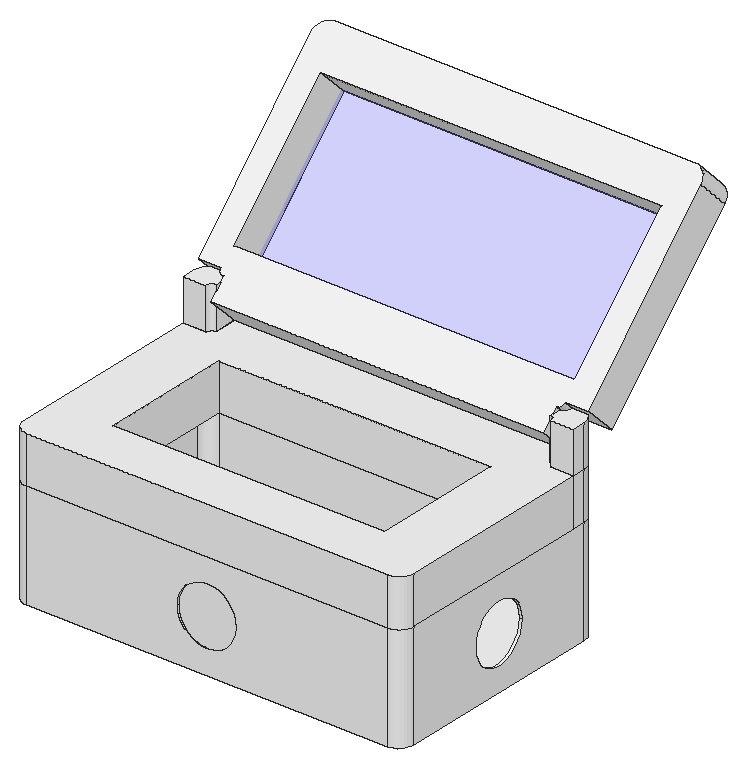
Revit family "Domotics-SerieCivili-GEWISS-27COMBI_SYSTEM-IP55_1P_2P_3P_4P", category Apparecchi elettrici, host Superficie, Revit 2016
Family settings
  Host = Superficie
  Mantenere orientamento annotazione = No
  Tipo di parte = Normale
  Quota connettore circolare = Usa diametro
  Numero OmniClass = 23.80.30.14.24
  Titolo OmniClass = Junction Boxes
  Taglio con vuoti quando caricato = Sì
  Condiviso = No
  Punto di calcolo locali = No
Parameters (values of type "GW27044 - 4 posti")
  Viti coperchio = "Acciaio inox"
  Versione file RFA = "19.4"
  URL = "https://www.gewiss.com/it/it"
  Tipo sfondabili = "Asportabili con utensile"
  Tipo portella = "Con membrana"
  Tipo = SYSTEM COMBI CONTENITORI IP55_BASE : GW27044 - 4 POSTO
  Termopressione con biglia = "70 °C"
  Temperatura di installazione = "-25 +60 °C"
  Scheda Tecnica = "https://www.gewiss.com/it/it/search?q=GW27044"
  SPORTELLO APERTO [instance] = yes
  SEO = "Contenitore"
  Resistenza agli urti = "IK07"
  Produttore = "GEWISS S.p.A."
  Norma di riferimento: = "EN 60670-1"
  N. moduli SYSTEM = "4 posti"
  N. fori Ã˜ 23 sfondabili: = "Laterali 8 / Sul fondo 1"
  N. fori Ã˜ 23 con passacavo = ""
  Modello = "GW27044"
  Larghezza = 132 mm
  IFC.TypeObject = ""
  IFC.ExportType = ""
  IFC.ExportAs = ""
  Default Elevation = 1219.2 mm
  Immagine tipo = GW27044.jpg
  IDT = "3807d107-ecc7-4bef-bd8b-fcc875e0ad94"
  IDF = "854fae89-6ea1-4656-98b3-f21c75aadc2b"
  Grado di protezione = "IP55"
  Glow Wire Test = "650°C"
  Dim. esterne BxHxP (mm) = "132x82x65"
  Descrizione: = "4 posti"
  Descrizione = "CONTENITORE 4(4X1) POSTI ORIZZ.STAGNO"
  Creato da GEWISS S.p.A. = ""
  Coppia serraggio viti = "0,8NM"
  Colore portella = "Trasparente"
  Colore = "Grigio RAL 7035"
  Codice Electrocod = "0212"
  Codice EAN = "8011564055391"
  Classe isolamento = "II"
  Catalogo Serie = "27COMBI"
  Catalogo = "DOMOTICS"
  COBie.Tagnumber = ""
  COBie.CreatedOn = ""
  COBie.CreatebBy = ""
  COBie.ComponentRegisterItemID = ""
  COBie.Component.TagNumber = ""
  COBie.Component.Space = ""
  COBie.Component.SerialNumber = ""
  COBie.Component.InstallationDate = ""
  COBie.Component.Description = ""
  COBie.Component.BarCode = ""
Types (4, lengths in mm): name | Tipo | Scheda Tecnica | N. moduli SYSTEM | N. fori Ã˜ 23 sfondabili: | N. fori Ã˜ 23 con passacavo | Modello | Larghezza | Immagine tipo | IDT | Dim. esterne BxHxP (mm) | Descrizione: | Descrizione | Codice EAN
  GW27041 - 1 posto | SYSTEM COMBI CONTENITORI IP55_BASE : GW27041 - 1 POSTO | "https://www.gewiss.com/it/it/search?q=GW27041" | "1 posto" | "Laterali 3 / Sul fondo 1" | "1" | "GW27041" | 66 | GW27041.jpg | "8f18aae1-c1c6-496f-8bd1-f9b18db38e98" | "66x82x65" | "1 posto" | "CONTENITORE 1 POSTO ORIZZ.STAGNO" | "8011564055360"
  GW27042 - 2 posti | SYSTEM COMBI CONTENITORI IP55_BASE : GW27042 - 2 POSTO | "https://www.gewiss.com/it/it/search?q=GW27042" | "2 posti" | "Laterali 3 / Sul fondo 1" | "1" | "GW27042" | 66 | GW27042.jpg | "f7184be8-eaa5-4369-bd14-6d072688526a" | "66x82x65" | "2 posti" | "CONTENITORE 2 POSTI ORIZZ.STAGNO" | "8011564055377"
  GW27043 - 3 posti | SYSTEM COMBI CONTENITORI IP55_BASE : GW27043 - 3 POSTO | "https://www.gewiss.com/it/it/search?q=GW27043" | "3 posti" | "Laterali 3 / Sul fondo 1" | "1" | "GW27043" | 99 | GW27043.jpg | "1fe81450-284b-45f8-b475-0bfe40f20753" | "99x82x65" | "3 posti" | "CONTENITORE 3 POSTI ORIZZ.STAGNO" | "8011564055384"
  GW27044 - 4 posti | SYSTEM COMBI CONTENITORI IP55_BASE : GW27044 - 4 POSTO | "https://www.gewiss.com/it/it/search?q=GW27044" | "4 posti" | "Laterali 8 / Sul fondo 1" | "" | "GW27044" | 132 | GW27044.jpg | "3807d107-ecc7-4bef-bd8b-fcc875e0ad94" | "132x82x65" | "4 posti" | "CONTENITORE 4(4X1) POSTI ORIZZ.STAGNO" | "8011564055391"
Reference planes
  plane 1 "Centro (Fronte/Retro)": y = 0
  plane 2: z = 0
  plane 3 "Centro (Sinistra/Destra)": x = 0
  plane 4: x = -66
  plane 5: x = 66
  plane 6: y = 41
  plane 7: y = -41
  plane 8: z = 66
Lines and regions (mm)
  Masking region 1
    outline origin (0, 0, 0) x (1, 0, 0) y (0, 0, 1)
      loop
        line (-66, 0) -> (66, 0) -> (66, 66) -> (-66, 66) -> (-66, 0)
  Masking region 2
    outline origin (0, 0, 0) x (0, 1, 0) y (0, 0, 1)
      loop
        line (-41, 0) -> (41, 0) -> (41, 66) -> (-41, 66) -> (-41, 0)
  Masking region 3, detail levels medium+fine
    outline origin (0, 0, 0) x (1, 0, 0) y (0, 0, 1)
      loop
        circle (0, 18) r 10
  Masking region 4, detail levels medium+fine
    outline origin (0, 0, 3.713) x (0, 1, 0) y (0, 0, 1)
      loop
        circle (0, 13.287) r 10
Dimensions and locks
  equal spacing: plane 4, plane 3 "Centro (Sinistra/Destra)", plane 5
  "Larghezza": plane 4 to plane 5
  locked: plane 6 to plane 7 at 82
  locked: plane 8 to host face at 66
  aligned and locked: plane 2 to host face
  aligned and locked: level to host face
  aligned and locked: plane 1 "Centro (Fronte/Retro)" to nested 1
  aligned and locked: plane 3 "Centro (Sinistra/Destra)" to nested 1
  aligned and locked: Masking region 1 sketch curve to level
  aligned and locked: plane 5 to Masking region 1 sketch curve
  aligned and locked: plane 8 to Masking region 1
  aligned and locked: Masking region 1 to plane 4
  aligned and locked: Masking region 2 sketch curve to level
  aligned and locked: plane 8 to Masking region 2 sketch curve
  aligned and locked: plane 6 to Masking region 2 sketch curve
Automatic sketch dimensions
  host sketch curve to host sketch curve = 2438.4 mm  (x2)
  Masking region 1 sketch curve to plane 3 "Centro (Sinistra/Destra)" = 66 mm
  level to Masking region 1 sketch curve = 66 mm
  Masking region 2 sketch curve to plane 7 = 0 mm
  Masking region 3 sketch curve to plane 3 "Centro (Sinistra/Destra)" = 0 mm
  level to Masking region 3 sketch curve = 18 mm
  Masking region 4 sketch curve to plane 1 "Centro (Fronte/Retro)" = 0 mm
  level to Masking region 4 sketch curve = 17 mm
  radius of Masking region 3 sketch curve = 10 mm
  radius of Masking region 4 sketch curve = 10 mm
Nested families
  nested 1: "SYSTEM COMBI CONTENITORI IP55_BASE" at (0, 0, 0), type <- "Tipo", Sportello aperto <- "SPORTELLO APERTO", type "GW27044 - 4 POSTO"
    with Sportello chiuso no, Sportello aperto yes
Definition of nested family "SYSTEM COMBI CONTENITORI IP55_BASE"
  Parameters (values of type "GW27041 - 1 POSTO")
    VETRO = none
    Sportello chiuso [instance] = not(Sportello aperto)  # no
    Sportello aperto [instance] = yes
    Profondità scatola = 36 mm
    Offset bidimensionale = 60 mm
    Larghezza scatola = 66 mm
    SCATOLA = none
    Larghezza foro = 23 mm
    Dettaglio 4P = no
    Dettaglio 3-2-1P = yes
    Default Elevation = 1219.2 mm
    Altezza scatola = 82 mm
    Altezza foro = 45 mm
  Types (4, lengths in mm): name | Larghezza scatola | Larghezza foro | Dettaglio 4P | Dettaglio 3-2-1P
    GW27041 - 1 POSTO | 66 | 23 | no | yes
    GW27042 - 2 POSTO | 66 | 46 | no | yes
    GW27043 - 3 POSTO | 99 | 69 | no | yes
    GW27044 - 4 POSTO | 132 | 92 | yes | no
  Reference planes
    plane 1 "Centro (Fronte/Retro)": y = 0
    plane 2: z = 0
    plane 3 "Centro (Sinistra/Destra)": x = 0
    plane 4: x = -33
    plane 5: x = 33
    plane 6 "1": y = 41
    plane 7: y = -41
    plane 8 "PIANO 1": z = 66
    plane 9: z = 36
    plane 10 "2": z = 2
    plane 11: z = 52
    plane 12: x = -11.5
    plane 13: x = 11.5
    plane 14: y = 21.5
    plane 15: y = -23.5
    plane 16: z = 18
    plane 17 "PIANO BIDIMENSIONALE": z = 60
  Forms (mm)
    Extrusion 1, solid, material <- "SCATOLA", detail levels medium+fine
      sketch origin (0, 0, 66) x (0, -1, 0) y (1, 0, 0)
        loop
          arc (-41, -28) -> (-39.536, -31.536) -> (-36, -33) r 5
          line (-36, -33) -> (36, -33)
          arc (36, -33) -> (39.536, -31.536) -> (41, -28) r 5
          line (41, -28) -> (41, 28)
          arc (41, 28) -> (39.536, 31.536) -> (36, 33) r 5
          line (36, 33) -> (-36, 33)
          arc (-36, 33) -> (-39.536, 31.536) -> (-41, 28) r 5
          line (-41, 28) -> (-41, -28)
      from -66 to -30
    Extrusion 2, void, detail levels medium+fine
      sketch origin (0, 0, 66) x (0, -1, 0) y (1, 0, 0)
        loop
          line (-40, 28) -> (-40, -28)
          arc (-40, -28) -> (-38.828, -30.828) -> (-36, -32) r 4
          line (-36, -32) -> (36, -32)
          arc (36, -32) -> (38.828, -30.828) -> (40, -28) r 4
          line (40, -28) -> (40, 28)
          arc (40, 28) -> (38.828, 30.828) -> (36, 32) r 4
          line (36, 32) -> (-36, 32)
          arc (-36, 32) -> (-38.828, 30.828) -> (-40, 28) r 4
      from -64 to -30
    Extrusion 3, solid, material <- "SCATOLA", visible <- "Sportello chiuso", detail levels medium+fine
      sketch origin (0, 0, 66) x (0, -1, 0) y (1, 0, 0)
        loop
          line (-41, -23.414) -> (-33.415, -23.414)
          arc (-33.415, -23.414) -> (-32.861, -24.751) -> (-31.525, -25.304) r 1.89
          line (-31.525, -25.304) -> (-31.525, -33) -> (36, -33)
          arc (36, -33) -> (39.536, -31.536) -> (41, -28) r 5
          line (41, -28) -> (41, 28)
          arc (41, 28) -> (39.536, 31.536) -> (36, 33) r 5
          line (36, 33) -> (-31.525, 33) -> (-31.525, 25.304)
          arc (-31.525, 25.304) -> (-32.861, 24.751) -> (-33.415, 23.414) r 1.89
          line (-33.415, 23.414) -> (-41, 23.414) -> (-41, -23.414)
        loop
          line (26.857, 24.717) -> (-24.857, 24.717) -> (-24.857, -24.717) -> (26.857, -24.717) -> (26.857, 24.717)
      from -14 to 0
    Extrusion 4, solid, material <- "SCATOLA", detail levels medium+fine
      sketch origin (0, 0, 66) x (0, -1, 0) y (1, 0, 0)
        loop
          line (-41, -23.414) -> (-33.415, -23.414)
          arc (-33.415, -23.414) -> (-32.861, -24.751) -> (-31.525, -25.304) r 1.89
          line (-31.525, -25.304) -> (-31.525, -33) -> (36, -33)
          arc (36, -33) -> (39.536, -31.536) -> (41, -28) r 5
          line (41, -28) -> (41, 28)
          arc (41, 28) -> (39.536, 31.536) -> (36, 33) r 5
          line (36, 33) -> (-31.525, 33) -> (-31.525, 25.304)
          arc (-31.525, 25.304) -> (-32.861, 24.751) -> (-33.415, 23.414) r 1.89
          line (-33.415, 23.414) -> (-41, 23.414) -> (-41, -23.414)
        loop
          line (23.5, 11.5) -> (-21.5, 11.5) -> (-21.5, -11.5) -> (23.5, -11.5) -> (23.5, 11.5)
      from -30 to -14
    Extrusion 5, solid, material <- "SCATOLA", detail levels medium+fine
      sketch origin (0, 0, 66) x (0, -1, 0) y (1, 0, 0)
        loop
          arc (-41, -28) -> (-39.536, -31.536) -> (-36, -33) r 5
          line (-36, -33) -> (-31.525, -33) -> (-31.525, -25.304)
          arc (-31.525, -25.304) -> (-32.861, -24.751) -> (-33.415, -23.414) r 1.89
          line (-33.415, -23.414) -> (-41, -23.414) -> (-41, -28)
      from -14 to 0
    Extrusion 6, solid, material <- "SCATOLA", detail levels medium+fine
      sketch origin (0, 0, 66) x (0, -1, 0) y (1, 0, 0)
        loop
          line (-41, 28) -> (-41, 23.414) -> (-33.415, 23.414)
          arc (-33.415, 23.414) -> (-32.861, 24.751) -> (-31.525, 25.304) r 1.89
          line (-31.525, 25.304) -> (-31.525, 33) -> (-36, 33)
          arc (-36, 33) -> (-39.536, 31.536) -> (-41, 28) r 5
      from -14 to 0
    Extrusion 7, solid, material <- "VETRO", visible <- "Sportello chiuso", detail levels medium+fine
      sketch origin (0, 0, 66) x (0, -1, 0) y (1, 0, 0)
        loop
          line (-24.857, -24.717) -> (26.857, -24.717) -> (26.857, 24.717) -> (-24.857, 24.717) -> (-24.857, -24.717)
      from -6 to 0
    Extrusion 8, solid, material <- "SCATOLA", visible <- "Sportello aperto", detail levels medium+fine
      sketch origin (0, 69.991, 80.991) x (0, 0.707107, 0.707107) y (1, 0, 0)
        loop
          line (-41, -23.414) -> (-33.415, -23.414)
          arc (-33.415, -23.414) -> (-32.861, -24.751) -> (-31.525, -25.304) r 1.89
          line (-31.525, -25.304) -> (-31.525, -33) -> (36, -33)
          arc (36, -33) -> (39.536, -31.536) -> (41, -28) r 5
          line (41, -28) -> (41, 28)
          arc (41, 28) -> (39.536, 31.536) -> (36, 33) r 5
          line (36, 33) -> (-31.525, 33) -> (-31.525, 25.304)
          arc (-31.525, 25.304) -> (-32.861, 24.751) -> (-33.415, 23.414) r 1.89
          line (-33.415, 23.414) -> (-41, 23.414) -> (-41, -23.414)
        loop
          line (26.857, 24.717) -> (-24.857, 24.717) -> (-24.857, -24.717) -> (26.857, -24.717) -> (26.857, 24.717)
      from -14 to 0
    Extrusion 9, solid, material <- "VETRO", visible <- "Sportello aperto", detail levels medium+fine
      sketch origin (0, 69.991, 80.991) x (0, 0.707107, 0.707107) y (1, 0, 0)
        loop
          line (-24.857, -24.717) -> (26.857, -24.717) -> (26.857, 24.717) -> (-24.857, 24.717) -> (-24.857, -24.717)
      from -1.5 to 0
    Extrusion 10, solid, material <- "SCATOLA", visible <- "Sportello aperto", not visible
      sketch origin (210, 0, -63.711) x (0, -1, 0) y (1, 0, 0)
        loop
          line (-41, -56.414) -> (-33.415, -56.414)
          arc (-33.415, -56.414) -> (-32.861, -57.751) -> (-31.525, -58.304) r 1.89
          line (-31.525, -58.304) -> (-31.525, -66) -> (36, -66)
          arc (36, -66) -> (39.536, -64.536) -> (41, -61) r 5
          line (41, -61) -> (41, 61)
          arc (41, 61) -> (39.536, 64.536) -> (36, 66) r 5
          line (36, 66) -> (-31.525, 66) -> (-31.525, 58.304)
          arc (-31.525, 58.304) -> (-32.861, 57.751) -> (-33.415, 56.414) r 1.89
          line (-33.415, 56.414) -> (-41, 56.414) -> (-41, -56.414)
        loop
          line (26.857, 57.717) -> (-24.857, 57.717) -> (-24.857, -57.717) -> (26.857, -57.717) -> (26.857, 57.717)
      from -14 to 0
    Extrusion 11, solid, material <- "VETRO", visible <- "Sportello aperto", not visible
      sketch origin (210, 0, -63.711) x (0, -1, 0) y (1, 0, 0)
        loop
          line (-24.857, -57.717) -> (26.857, -57.717) -> (26.857, 57.717) -> (-24.857, 57.717) -> (-24.857, -57.717)
      from -1.5 to 0
    Extrusion 12, solid, material <- "SCATOLA", detail levels fine
      sketch origin (0, 0, 0) x (1, 0, 0) y (0, 0, 1)
        loop
          circle (0, 18) r 16
      from -43 to -41
    Extrusion 13, solid, material <- "SCATOLA", detail levels fine
      sketch origin (0, 41, 0) x (-1, 0, 0) y (0, 0, 1)
        loop
          circle (0, 18) r 13
      from 5 to 3
    Extrusion 14, solid, material <- "SCATOLA", detail levels fine
      sketch origin (0, 41, 0) x (-1, 0, 0) y (0, 0, 1)
        loop
          circle (0, 18) r 10
      from 8 to 6
    Extrusion 15, solid, material <- "SCATOLA", detail levels fine
      sketch origin (0, 41, 0) x (-1, 0, 0) y (0, 0, 1)
        loop
          circle (0, 18) r 3
      from 2 to 6
    Extrusion 16, solid, material <- "SCATOLA", detail levels medium+fine
      sketch origin (0, 0, 0) x (1, 0, 0) y (0, 1, 0)
        loop
          line (-23.414, 33.415) -> (-23.414, 41) -> (-28, 41)
          arc (-28, 41) -> (-31.536, 39.536) -> (-33, 36) r 5
          line (-33, 36) -> (-33, 31.525) -> (-25.304, 31.525)
          arc (-25.304, 31.525) -> (-24.751, 32.861) -> (-23.414, 33.415) r 1.89
        loop
          arc (23.414, 33.415) -> (24.751, 32.861) -> (25.304, 31.525) r 1.89
          line (25.304, 31.525) -> (33, 31.525) -> (33, 36)
          arc (33, 36) -> (31.536, 39.536) -> (28, 41) r 5
          line (28, 41) -> (23.414, 41) -> (23.414, 33.415)
      from 36 to 52
    Extrusion 17, void, detail levels medium+fine
      sketch origin (0, 0, 0) x (0, 1, 0) y (0, 0, 1)
        loop
          circle (0, 18) r 10
      from 32.526 to 33
    Extrusion 18, void, detail levels medium+fine
      sketch origin (0, 0, 0) x (1, 0, 0) y (0, 0, 1)
        loop
          circle (0, 18) r 10
      from 40.592 to 41
    Extrusion 19, void, detail levels medium+fine
      sketch origin (0, 0, 0) x (0, 1, 0) y (0, 0, -1)
        loop
          circle (0, -18) r 11.5
      from 32.526 to 33
    Extrusion 20, void, detail levels medium+fine
      sketch origin (0, 0, 0) x (1, 0, 0) y (0, 0, -1)
        loop
          circle (0, -18) r 10
      from 40.592 to 41
    Extrusion 21, solid, material <- "SCATOLA", detail levels coarse
      sketch origin (0, 0, 66) x (0, -1, 0) y (1, 0, 0)
        loop
          line (-41, 28) -> (-41, -28)
          arc (-41, -28) -> (-39.536, -31.536) -> (-36, -33) r 5
          line (-36, -33) -> (36, -33)
          arc (36, -33) -> (39.536, -31.536) -> (41, -28) r 5
          line (41, -28) -> (41, 28)
          arc (41, 28) -> (39.536, 31.536) -> (36, 33) r 5
          line (36, 33) -> (-36, 33)
          arc (-36, 33) -> (-39.536, 31.536) -> (-41, 28) r 5
      from -66 to -6
  Cuts and joins
    Extrusion 2, Extrusion 17, Extrusion 18, Extrusion 19, Extrusion 20 cuts Extrusion 1
  Lines and regions (mm)
    Masking region 1
      outline origin (0, 0, 2) x (0, -1, 0) y (1, 0, 0)
        loop
          line (36, 33) -> (-36, 33)
          arc (-36, 33) -> (-39.536, 31.536) -> (-41, 28) r 5
          line (-41, 28) -> (-41, -28)
          arc (-41, -28) -> (-39.536, -31.536) -> (-36, -33) r 5
          line (-36, -33) -> (36, -33)
          arc (36, -33) -> (39.536, -31.536) -> (41, -28) r 5
          line (41, -28) -> (41, 28)
          arc (41, 28) -> (39.536, 31.536) -> (36, 33) r 5
        loop
          line (23.5, 11.5) -> (-21.5, 11.5) -> (-21.5, -11.5) -> (23.5, -11.5) -> (23.5, 11.5)
    Masking region 2
      outline origin (0, 0, 2) x (0, -1, 0) y (1, 0, 0)
        loop
          line (-21.5, -11.5) -> (23.5, -11.5) -> (23.5, 11.5) -> (-21.5, 11.5) -> (-21.5, -11.5)
    Masking region 3
      outline origin (0, 0, 0) x (1, 0, 0) y (0, 1, 0)
        loop
          line (-33, 31.525) -> (-25.304, 31.525)
          arc (-25.304, 31.525) -> (-24.751, 32.861) -> (-23.414, 33.415) r 1.89
          line (-23.414, 33.415) -> (-23.414, 41) -> (-28, 41)
          arc (-28, 41) -> (-31.536, 39.536) -> (-33, 36) r 5
          line (-33, 36) -> (-33, 31.525)
        loop
          line (25.304, 31.525) -> (33, 31.525) -> (33, 36)
          arc (33, 36) -> (31.536, 39.536) -> (28, 41) r 5
          line (28, 41) -> (23.414, 41) -> (23.414, 33.415)
          arc (23.414, 33.415) -> (24.751, 32.861) -> (25.304, 31.525) r 1.89
        loop
          circle (-28, 36) r 2
        loop
          circle (28, 36) r 2
        loop
          line (-13.5, -41) -> (-11.5, -41) -> (-11.5, -38.247)
          arc (-11.5, -38.247) -> (-10.914, -36.833) -> (-9.5, -36.247) r 2
          line (-9.5, -36.247) -> (9.496, -36.247)
          arc (9.496, -36.247) -> (10.91, -36.833) -> (11.496, -38.247) r 2
          line (11.496, -38.247) -> (11.496, -41) -> (13.496, -41) -> (13.496, -36.247)
          arc (13.496, -36.247) -> (12.91, -34.833) -> (11.496, -34.247) r 2
          line (11.496, -34.247) -> (-11.5, -34.247)
          arc (-11.5, -34.247) -> (-12.914, -34.833) -> (-13.5, -36.247) r 2
          line (-13.5, -36.247) -> (-13.5, -41)
    Masking region 4
      outline origin (0, 0, 0) x (1, 0, 0) y (0, 1, 0)
        loop
          line (-24.717, -26.857) -> (24.717, -26.857) -> (24.717, 31.525)
          arc (24.717, 31.525) -> (24.336, 32.446) -> (23.414, 32.828) r 1.303
          line (23.414, 32.828) -> (-23.414, 32.828)
          arc (-23.414, 32.828) -> (-24.336, 32.446) -> (-24.717, 31.525) r 1.303
          line (-24.717, 31.525) -> (-24.717, -26.857)
        loop
          line (-11.5, 21.5) -> (-11.5, -23.5) -> (11.5, -23.5) -> (11.5, 21.5) -> (-11.5, 21.5)
    model lines, detail levels coarse
      curve 1: arc (33, -36, 60) -> (31.536, -39.536, 60) -> (28, -41, 60) r 5
      curve 2: line (33, 36, 60) -> (33, -36, 60)
      curve 3: arc (28, 41, 60) -> (31.536, 39.536, 60) -> (33, 36, 60) r 5
      curve 4: line (-28, 41, 60) -> (28, 41, 60)
      curve 5: arc (-28, 41, 60) -> (-31.536, 39.536, 60) -> (-33, 36, 60) r 5
      curve 6: line (-33, -36, 60) -> (-33, 36, 60)
      curve 7: arc (-28, -41, 60) -> (-31.536, -39.536, 60) -> (-33, -36, 60) r 5
      curve 8: line (28, -41, 60) -> (-28, -41, 60)
      curve 29: line (24.717, -26.857, 60) -> (-24.717, -26.857, 60)
      curve 30: line (24.717, 31.525, 60) -> (24.717, -26.857, 60)
      curve 31: line (-24.717, -26.857, 60) -> (-24.717, 31.525, 60)
      curve 32: line (-24.717, 24.857, 60) -> (24.717, 24.857, 60)
      curve 33: arc (-23.414, 32.828, 60) -> (-24.336, 32.446, 60) -> (-24.717, 31.525, 60) r 1.303
      curve 34: line (-23.414, 32.828, 60) -> (23.414, 32.828, 60)
      curve 35: arc (23.414, 32.828, 60) -> (24.336, 32.446, 60) -> (24.717, 31.525, 60) r 1.303
      curve 36: line (33, 31.525, 60) -> (25.304, 31.525, 60)
      curve 37: arc (23.414, 33.415, 60) -> (24.751, 32.861, 60) -> (25.304, 31.525, 60) r 1.89
      curve 38: line (23.414, 41, 60) -> (23.414, 33.415, 60)
      curve 39: line (-23.414, 33.415, 60) -> (23.414, 33.415, 60)
      curve 40: line (-33, 31.525, 60) -> (-25.304, 31.525, 60)
      curve 41: arc (-23.414, 33.415, 60) -> (-24.751, 32.861, 60) -> (-25.304, 31.525, 60) r 1.89
      curve 42: line (-23.414, 41, 60) -> (-23.414, 33.415, 60)
      curve 43: circle (-28, 36, 60) r 2 normal (0, 0, 1)
      curve 44: line (-26.172, 36.81, 60) -> (-29.472, 34.646, 60)
      curve 45: line (-29.912, 35.413, 60) -> (-26.7, 37.52, 60)
      curve 46: line (29.912, 35.413, 60) -> (26.7, 37.52, 60)
      curve 47: line (26.108, 36.647, 60) -> (29.348, 34.523, 60)
      curve 48: circle (28, 36, 60) r 2 normal (0, 0, -1)
      curve 49: line (-11.5, 21.5, 60) -> (11.5, 21.5, 60)
      curve 50: line (-11.5, -23.5, 60) -> (-11.5, 21.5, 60)
      curve 51: line (11.5, -23.5, 60) -> (-11.5, -23.5, 60)
      curve 52: line (11.5, 21.5, 60) -> (11.5, -23.5, 60)
    model lines, visible <- "Dettaglio 4P", detail levels coarse
      curve 9: line (-25, -41, 60) -> (-25, -36.247, 60)
      curve 10: line (-23, -41, 60) -> (-23, -38.247, 60)
      curve 11: arc (-21, -36.247, 60) -> (-22.414, -36.833, 60) -> (-23, -38.247, 60) r 2
      curve 12: arc (-23, -34.247, 60) -> (-24.414, -34.833, 60) -> (-25, -36.247, 60) r 2
      curve 13: line (-23, -34.247, 60) -> (-8.093, -34.247, 60)
      curve 14: line (-21, -36.247, 60) -> (-10.093, -36.247, 60)
      curve 15: arc (-6.093, -36.247, 60) -> (-6.679, -34.833, 60) -> (-8.093, -34.247, 60) r 2
      curve 16: arc (-8.093, -38.247, 60) -> (-8.679, -36.833, 60) -> (-10.093, -36.247, 60) r 2
      curve 17: line (-8.093, -41, 60) -> (-8.093, -38.247, 60)
      curve 18: line (-6.093, -41, 60) -> (-6.093, -36.247, 60)
      curve 19: line (6.093, -41, 60) -> (6.093, -36.247, 60)
      curve 20: line (8.093, -41, 60) -> (8.093, -38.247, 60)
      curve 21: arc (8.093, -38.247, 60) -> (8.679, -36.833, 60) -> (10.093, -36.247, 60) r 2
      curve 22: arc (6.093, -36.247, 60) -> (6.679, -34.833, 60) -> (8.093, -34.247, 60) r 2
      curve 23: line (23, -34.247, 60) -> (8.093, -34.247, 60)
      curve 24: line (21, -36.247, 60) -> (10.093, -36.247, 60)
      curve 25: arc (21, -36.247, 60) -> (22.414, -36.833, 60) -> (23, -38.247, 60) r 2
      curve 26: arc (23, -34.247, 60) -> (24.414, -34.833, 60) -> (25, -36.247, 60) r 2
      curve 27: line (23, -41, 60) -> (23, -38.247, 60)
      curve 28: line (25, -41, 60) -> (25, -36.247, 60)
    model lines, visible <- "Dettaglio 3-2-1P", detail levels coarse
      curve 53: line (-25, -41, 60) -> (-25, -36.247, 60)
      curve 54: line (-23, -41, 60) -> (-23, -38.247, 60)
      curve 55: arc (-23, -34.247, 60) -> (-24.414, -34.833, 60) -> (-25, -36.247, 60) r 2
      curve 56: arc (-21, -36.247, 60) -> (-22.414, -36.833, 60) -> (-23, -38.247, 60) r 2
      curve 57: line (-21, -36.247, 60) -> (21, -36.247, 60)
      curve 58: line (-23, -34.247, 60) -> (23, -34.247, 60)
      curve 59: arc (22.996, -38.247, 60) -> (22.41, -36.833, 60) -> (20.996, -36.247, 60) r 2
      curve 60: arc (24.996, -36.247, 60) -> (24.41, -34.833, 60) -> (22.996, -34.247, 60) r 2
      curve 61: line (24.996, -41, 60) -> (24.996, -36.247, 60)
      curve 62: line (22.996, -41, 60) -> (22.996, -38.247, 60)
  Dimensions and locks
    equal spacing: plane 4, plane 3 "Centro (Sinistra/Destra)", plane 5
    equal spacing: plane 6 "1", plane 1 "Centro (Fronte/Retro)", plane 7
    "Altezza scatola": plane 6 "1" to plane 7
    "Larghezza scatola": plane 4 to plane 5
    "Profondità scatola": plane 9 to level
    plane 8 "PIANO 1" to plane 11 = 14 mm
    "Altezza foro": plane 15 to plane 14
    "Larghezza foro": plane 12 to plane 13
    equal spacing: plane 12, plane 3 "Centro (Sinistra/Destra)", plane 13
    equal spacing: level, plane 16, plane 9
    "Offset bidimensionale": plane 17 "PIANO BIDIMENSIONALE" to plane 2
    aligned and locked: level to plane 2
    aligned and locked: Extrusion 1 sketch curve to plane 6 "1"
    aligned and locked: plane 4 to Extrusion 1 sketch curve
    aligned and locked: Extrusion 1 sketch curve to plane 5
    aligned and locked: plane 7 to Extrusion 1 sketch curve
    aligned and locked: Extrusion 1 to level
    aligned and locked: Extrusion 2 to plane 10 "2"
    aligned and locked: plane 9 to Extrusion 2
    aligned and locked: plane 9 to Extrusion 1
    aligned and locked: Extrusion 3 sketch curve to plane 4
    aligned and locked: plane 6 "1" to Extrusion 3 sketch curve
    aligned and locked: plane 5 to Extrusion 3 sketch curve
    aligned and locked: Extrusion 3 sketch curve to plane 7
    aligned and locked: plane 8 "PIANO 1" to Extrusion 3
    aligned and locked: Extrusion 3 to plane 11
    aligned and locked: Extrusion 4 to Extrusion 3
    aligned and locked: Extrusion 4 to plane 9
    aligned and locked: cut or joined group of Extrusion 1, Extrusion 2, Extrusion 17, Extrusion 18, Extrusion 19, Extrusion 20 to Extrusion 5 sketch curve
    aligned and locked: Extrusion 5 sketch curve to cut or joined group of Extrusion 1, Extrusion 2, Extrusion 17, Extrusion 18, Extrusion 19, Extrusion 20
    aligned and locked: Extrusion 5 to Extrusion 3
    aligned and locked: plane 5 to Extrusion 6
    aligned and locked: Extrusion 7 sketch curve to Extrusion 3  (x2)
    aligned and locked: plane 8 "PIANO 1" to Extrusion 7
    aligned and locked: Extrusion 9 sketch curve to Extrusion 8  (x2)
    aligned and locked: Extrusion 11 sketch curve to Extrusion 10  (x2)
    aligned and locked: Extrusion 8 to plane 4
    aligned and locked: Extrusion 9 to Extrusion 8  (x2)
    aligned and locked: Extrusion 11 to Extrusion 10  (x2)
    aligned and locked: plane 4 to Extrusion 8 sketch curve
    aligned and locked: Extrusion 8 sketch curve to plane 5
    aligned and locked: plane 14 to Extrusion 4 sketch curve
    aligned and locked: Extrusion 4 sketch curve to plane 15
    aligned and locked: plane 12 to Extrusion 4 sketch curve
    aligned and locked: Extrusion 4 sketch curve to plane 13
    aligned and locked: plane 6 "1" to Extrusion 12
    aligned and locked: Extrusion 15 to Extrusion 12
    aligned and locked: Extrusion 15 to Extrusion 14
    aligned and locked: Extrusion 6 to Extrusion 4
    aligned and locked: Extrusion 5 to Extrusion 4
    aligned and locked: Extrusion 16 to Extrusion 3
    aligned and locked: Extrusion 16 to cut or joined group of Extrusion 1, Extrusion 2, Extrusion 17, Extrusion 18, Extrusion 19, Extrusion 20
    aligned and locked: Extrusion 16 sketch curve to Extrusion 4
    aligned and locked: plane 5 to Extrusion 17
    aligned and locked: Extrusion 18 to plane 7
    aligned and locked: Extrusion 1 to Extrusion 19
    aligned and locked: Extrusion 21 sketch curve to Extrusion 3  (x4)
    aligned and locked: Extrusion 21 to level
    aligned and locked: Extrusion 21 to Extrusion 7
    aligned and locked: plane 17 "PIANO BIDIMENSIONALE" to Extrusion 21
    aligned and locked: Extrusion 21 to plane 2
    aligned and locked: Masking region 1 sketch curve to Extrusion 21  (x4)
    aligned and locked: Masking region 1 sketch curve to curve 51
    aligned and locked: Masking region 1 sketch curve to curve 50
    aligned and locked: Masking region 1 sketch curve to curve 49
    aligned and locked: Masking region 1 sketch curve to curve 52
    aligned and locked: Masking region 2 sketch curve to curve 49
    aligned and locked: Masking region 2 sketch curve to curve 52
    aligned and locked: Masking region 2 sketch curve to curve 51
    aligned and locked: Masking region 2 sketch curve to curve 50
    aligned and locked: Masking region 3 sketch curve to Extrusion 16  (x4)
    aligned and locked: Masking region 3 sketch curve to Extrusion 6  (x4)
    aligned and locked: Masking region 4 sketch curve to curve 31
    aligned and locked: curve 34 to Masking region 4 sketch curve
    aligned and locked: curve 30 to Masking region 4 sketch curve
    aligned and locked: Masking region 4 sketch curve to curve 29
    aligned and locked: Masking region 4 sketch curve to curve 49
    aligned and locked: Masking region 4 sketch curve to curve 52
    aligned and locked: Masking region 4 sketch curve to curve 51
    aligned and locked: Masking region 4 sketch curve to curve 50
  Automatic sketch dimensions
    Extrusion 10 sketch curve to Extrusion 10 sketch curve = 7.585 mm  (x2)
    Extrusion 10 sketch curve to Extrusion 10 sketch curve = 1.89 mm  (x2)
    Extrusion 10 sketch curve to Extrusion 10 sketch curve = 6.668 mm
    Extrusion 10 sketch curve to Extrusion 10 sketch curve = 7.696 mm
    Extrusion 10 sketch curve to Extrusion 10 sketch curve = 0.587 mm  (x2)
    Extrusion 10 sketch curve to Extrusion 10 sketch curve = 112.829 mm
    Extrusion 10 sketch curve to Extrusion 10 sketch curve = 3.283 mm
    Extrusion 10 sketch curve to Extrusion 10 sketch curve = 51.714 mm
    Extrusion 10 sketch curve to Extrusion 10 sketch curve = 9.143 mm  (x2)
    Extrusion 10 sketch curve to Extrusion 10 sketch curve = 5 mm
    Extrusion 11 sketch curve to Extrusion 11 sketch curve = 51.714 mm
    Extrusion 1 sketch curve to Extrusion 1 sketch curve = 5 mm  (x2)
    Extrusion 1 sketch curve to plane 5 = 5 mm  (x2)
    Extrusion 2 sketch curve to plane 6 "1" = 1 mm
    plane 4 to Extrusion 2 sketch curve = 1 mm
    Extrusion 2 sketch curve to plane 6 "1" = 5 mm
    Extrusion 2 sketch curve to Extrusion 2 sketch curve = 4 mm
    plane 7 to Extrusion 2 sketch curve = 5 mm  (x2)
    plane 7 to Extrusion 2 sketch curve = 1 mm
    Extrusion 2 sketch curve to plane 5 = 5 mm
    Extrusion 3 sketch curve to Extrusion 3 sketch curve = 7.585 mm  (x2)
    Extrusion 3 sketch curve to plane 6 "1" = 9.475 mm
    Extrusion 3 sketch curve to Extrusion 3 sketch curve = 1.89 mm
    Extrusion 3 sketch curve to plane 14 = 3.357 mm
    plane 15 to Extrusion 3 sketch curve = 3.357 mm
    plane 7 to Extrusion 3 sketch curve = 5 mm
    Extrusion 3 sketch curve to plane 5 = 5 mm
    Extrusion 3 sketch curve to Extrusion 3 sketch curve = 7.696 mm
    Extrusion 3 sketch curve to Extrusion 3 sketch curve = 0.587 mm
    Extrusion 3 sketch curve to plane 5 = 9.586 mm
    Extrusion 3 sketch curve to plane 5 = 8.283 mm
    Extrusion 4 sketch curve to plane 6 "1" = 0 mm
    Extrusion 4 sketch curve to plane 4 = 0 mm
    Extrusion 4 sketch curve to plane 5 = 0 mm
    Extrusion 4 sketch curve to plane 7 = 0 mm
    Extrusion 4 sketch curve to Extrusion 4 sketch curve = 7.585 mm  (x2)
    Extrusion 4 sketch curve to plane 6 "1" = 9.475 mm
    Extrusion 4 sketch curve to Extrusion 4 sketch curve = 1.89 mm
    plane 7 to Extrusion 4 sketch curve = 5 mm
    Extrusion 4 sketch curve to plane 5 = 5 mm
    Extrusion 4 sketch curve to Extrusion 4 sketch curve = 7.696 mm
    Extrusion 4 sketch curve to plane 5 = 9.586 mm
    Extrusion 5 sketch curve to Extrusion 5 sketch curve = 5 mm
    Extrusion 5 sketch curve to Extrusion 5 sketch curve = 2.585 mm
    Extrusion 5 sketch curve to Extrusion 5 sketch curve = 1.89 mm
    Extrusion 5 sketch curve to Extrusion 5 sketch curve = 2.696 mm
    Extrusion 6 sketch curve to plane 6 "1" = 0 mm
    Extrusion 6 sketch curve to plane 5 = 0 mm
    plane 5 to Extrusion 6 sketch curve = 5 mm
    Extrusion 6 sketch curve to Extrusion 6 sketch curve = 2.585 mm
    Extrusion 6 sketch curve to Extrusion 6 sketch curve = 1.89 mm
    Extrusion 6 sketch curve to Extrusion 6 sketch curve = 2.696 mm
    plane 4 to Extrusion 8 sketch curve = 9.586 mm
    Extrusion 8 sketch curve to Extrusion 8 sketch curve = 7.585 mm  (x2)
    Extrusion 8 sketch curve to Extrusion 8 sketch curve = 1.89 mm  (x2)
    Extrusion 8 sketch curve to Extrusion 8 sketch curve = 6.668 mm
    Extrusion 8 sketch curve to plane 5 = 8.283 mm
    Extrusion 8 sketch curve to Extrusion 8 sketch curve = 51.714 mm
    Extrusion 8 sketch curve to Extrusion 8 sketch curve = 9.143 mm  (x2)
    Extrusion 8 sketch curve to plane 5 = 5 mm
    Extrusion 8 sketch curve to Extrusion 8 sketch curve = 0.587 mm
    Extrusion 8 sketch curve to plane 5 = 9.586 mm
    Extrusion 9 sketch curve to Extrusion 9 sketch curve = 51.714 mm
    Extrusion 12 sketch curve to plane 3 "Centro (Sinistra/Destra)" = 0 mm
    Extrusion 12 sketch curve to plane 16 = 0 mm
    Extrusion 13 sketch curve to plane 3 "Centro (Sinistra/Destra)" = 0 mm
    Extrusion 13 sketch curve to plane 16 = 0 mm
    Extrusion 14 sketch curve to plane 3 "Centro (Sinistra/Destra)" = 0 mm
    Extrusion 14 sketch curve to plane 16 = 0 mm
    Extrusion 15 sketch curve to plane 3 "Centro (Sinistra/Destra)" = 0 mm
    Extrusion 15 sketch curve to plane 16 = 0 mm
    Extrusion 16 sketch curve to plane 4 = 0 mm
    Extrusion 16 sketch curve to plane 6 "1" = 0 mm  (x2)
    Extrusion 16 sketch curve to plane 5 = 0 mm
    plane 4 to Extrusion 16 sketch curve = 5 mm
    Extrusion 16 sketch curve to Extrusion 16 sketch curve = 1.89 mm  (x2)
    Extrusion 16 sketch curve to plane 5 = 9.586 mm
    Extrusion 16 sketch curve to Extrusion 16 sketch curve = 4.586 mm
    Extrusion 16 sketch curve to Extrusion 16 sketch curve = 2.585 mm  (x2)
    Extrusion 17 sketch curve to plane 1 "Centro (Fronte/Retro)" = 0 mm
    plane 16 to Extrusion 17 sketch curve = 0 mm
    Extrusion 18 sketch curve to plane 3 "Centro (Sinistra/Destra)" = 0 mm
    Extrusion 18 sketch curve to plane 16 = 0 mm
    Extrusion 19 sketch curve to plane 1 "Centro (Fronte/Retro)" = 0 mm
    plane 16 to Extrusion 19 sketch curve = 0 mm
    Extrusion 20 sketch curve to plane 3 "Centro (Sinistra/Destra)" = 0 mm
    Extrusion 20 sketch curve to plane 16 = 0 mm
    plane 4 to Extrusion 21 sketch curve = 5 mm
    plane 7 to Extrusion 21 sketch curve = 5 mm  (x2)
    Extrusion 21 sketch curve to plane 5 = 5 mm
    curve 48 to curve 3 = 0 mm
    curve 5 to curve 43 = 0 mm  (x3)
    curve 33 to curve 41 = 0 mm  (x3)
    plane 4 to curve 43 = 5 mm
    curve 3 to curve 35 = 4.475 mm
    curve 5 to curve 33 = 4.475 mm
    curve 1 to plane 5 = 5 mm
    plane 7 to curve 12 = 4.753 mm
    plane 7 to curve 11 = 2.753 mm
    curve 5 to curve 33 = 4.586 mm
    curve 7 to curve 12 = 5 mm
    curve 12 to curve 11 = 2 mm
    curve 16 to plane 3 "Centro (Sinistra/Destra)" = 10.093 mm
    curve 16 to curve 15 = 2 mm
    plane 3 "Centro (Sinistra/Destra)" to curve 22 = 8.093 mm
    curve 25 to curve 26 = 2 mm
    curve 37 to curve 3 = 4.586 mm
    curve 46 to curve 47 = 0.872 mm
    curve 45 to curve 44 = 0.709 mm
    curve 5 to curve 45 = 0.587 mm
    curve 3 to curve 46 = 0.587 mm
    curve 45 to curve 44 = 0.767 mm
    curve 46 to curve 47 = 0.891 mm
    curve 42 to curve 33 = 1.89 mm
    curve 37 to curve 35 = 1.89 mm
    curve 39 to curve 34 = 0.587 mm
    curve 32 to plane 14 = 3.357 mm
    plane 15 to curve 29 = 3.357 mm
    curve 22 to curve 22 = 2 mm
    curve 26 to curve 26 = 2 mm
    curve 13 to curve 15 = 2 mm
    curve 11 to curve 11 = 2 mm
    curve 24 to curve 21 = 2 mm
    curve 45 to curve 44 = 0.44 mm
    curve 45 to curve 44 = 0.528 mm
    curve 31 to curve 12 = 1.717 mm
    curve 9 to curve 10 = 2 mm
    curve 17 to curve 18 = 2 mm
    curve 19 to curve 20 = 2 mm
    curve 26 to curve 29 = 1.717 mm
    curve 27 to curve 28 = 2 mm
    curve 47 to curve 46 = 0.592 mm
    curve 47 to curve 46 = 0.564 mm
    curve 1 to curve 28 = 0.247 mm
    curve 35 to curve 37 = 0 mm  (x3)
    curve 52 to plane 13 = 0 mm
    curve 3 to curve 48 = 0 mm  (x2)
    curve 48 to plane 5 = 5 mm
    plane 12 to curve 50 = 0 mm
    curve 59 to curve 25 = 0 mm
    curve 59 to curve 25 = 0.004 mm
    curve 60 to curve 26 = 0 mm
    curve 60 to curve 26 = 0.004 mm
    Extrusion 7 sketch curve to plane 14 = 3.357 mm
    plane 15 to Extrusion 7 sketch curve = 3.357 mm
    curve 5 to plane 6 "1" = 0 mm
    curve 3 to plane 5 = 0 mm
    plane 14 to curve 49 = 0 mm
    plane 15 to curve 50 = 0 mm
    Masking region 1 sketch curve to plane 6 "1" = 5 mm
    Masking region 1 sketch curve to Masking region 1 sketch curve = 5 mm
    plane 7 to Masking region 1 sketch curve = 5 mm  (x2)
    Masking region 3 sketch curve to Masking region 3 sketch curve = 0 mm  (x4)
    Masking region 3 sketch curve to plane 7 = 0 mm  (x2)
    Masking region 3 sketch curve to plane 12 = 0 mm  (x2)
    plane 4 to Masking region 3 sketch curve = 5 mm
    Masking region 3 sketch curve to Masking region 3 sketch curve = 1.89 mm  (x2)
    Masking region 3 sketch curve to plane 12 = 2 mm
    Masking region 3 sketch curve to Masking region 3 sketch curve = 2 mm  (x2)
    Masking region 3 sketch curve to plane 13 = 2.004 mm
    Masking region 3 sketch curve to plane 13 = 0.004 mm  (x2)
    plane 13 to Masking region 3 sketch curve = 1.996 mm
    Masking region 3 sketch curve to Masking region 3 sketch curve = 4.586 mm
    plane 7 to Masking region 3 sketch curve = 2.753 mm
    Masking region 4 sketch curve to Masking region 4 sketch curve = 1.303 mm  (x2)
    radius of Extrusion 12 sketch curve = 16 mm
    radius of Extrusion 13 sketch curve = 13 mm
    radius of Extrusion 14 sketch curve = 10 mm
    radius of Extrusion 15 sketch curve = 3 mm
    radius of Extrusion 17 sketch curve = 10 mm
    radius of Extrusion 18 sketch curve = 10 mm
    radius of Extrusion 19 sketch curve = 11.5 mm
    radius of Extrusion 20 sketch curve = 10 mm
    radius of Masking region 3 sketch curve = 2 mm  (x2)
